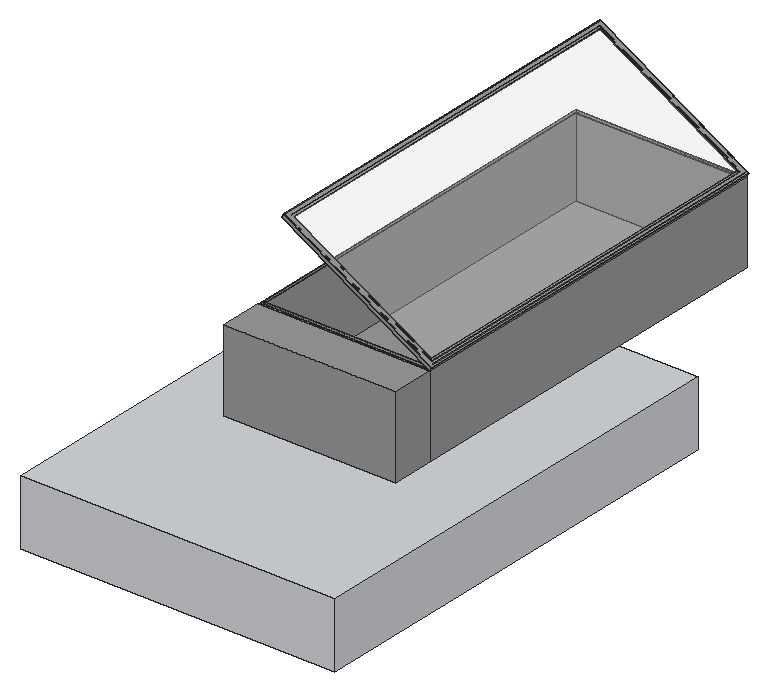
Revit family "Hager-Univers-IP55-D400-H2050-Cl.II-Steel_encl-NoHosted-DE-de", category Equipement électrique, Revit 2020
Family settings
  Hôte = Face
  Configuration du panneau = Deux colonnes, circuits au sein
  Cote de connecteur circulaire = Utiliser le diamètre
  Type d'élément = Tableau de raccordement
  Couper avec des vides une fois chargée = Non
  Partagée = Non
  Point de calcul de pièce = Non
Parameters (values of type "Bodenaufstellung IP55 B800 H2050 T400  - FR23U2")
  Width Control [instance] = if([EF000008 - Breite] > Min Width, [EF000008 - Breite], Min Width)  # 800 mm
  Commentaires du type = [HG000003 - Bereich]  # "Univers"
  Thickness Door [instance] = if([EF009171 - Materialstärke Tür/Deckel] > 3 mm, 3 mm, [EF009171 - Materialstärke Tür/Deckel])  # 1.5 mm
  Seal Frame Offset [instance] = 17 mm  # constant formula
  Plinth Visibility [instance] = [HG000027 - Sockelhöhe] > 0 mm  # yes
  Model = ""
  Min Width [instance] = 100 mm  # constant formula
  Min Height [instance] = 100 mm  # constant formula
  Min Depth [instance] = (2 * [EF009170 - Materialstärke Gehäuse]) + 1 mm  # 4 mm
  Internal Frame Depth [instance] = (Door System Depth * 0.5)  # 9 mm
  Height Control [instance] = if([EF000040 - Höhe] > Min Height, [EF000040 - Höhe], Min Height)  # 2050 mm
  HG000027 - Sockelhöhe = 200 mm
  HG000026 - Stehend auf dem Boden = yes
  HG000024 - Höhe des unteren Teils = 800 mm
  HG000023 - Gehäuse mit doppeltem Querschnitt = no
  HG000016 - 3D-Türsichtbarkeit [instance] = yes
  HG000015 - Sichtbarkeit der Türöffnung [instance] = no
  HG000014 - Tür rechts [instance] = yes
  HG000013 - Tür links [instance] = not([HG000014 - Tür rechts])  # no
  HG000012 - Türschwenkwinkel [instance] = 30.00°
  HG000010 - Asymmetrische Türen = no
  HG000009 - Doppelflügeligen Tür = no
  HG000006 - Unterputz = no
  HG000004 - Herstellerreferenz = "FR23U2"
  HG000003 - Bereich = "Univers"
  HG000002 - Mit tür = yes
  Frame Offset Bottom [instance] = 10 mm  # constant formula
  Frame Offset [instance] = 15 mm  # constant formula
  EF015940 - Deckel mit Überdruckentlastung = no
  EF011959 - Schutzart (NEMA) = ""
  EF009554 - Anzahl der Öffnungen für Flanschplatten = 6
  Fabricant = "Hager"  # constant formula
  EF009212 - Ausführung Deckel = "EV000116 - geschlossen"
  EF009171 - Materialstärke Tür/Deckel = 1.5 mm
  EF009170 - Materialstärke Gehäuse = 1.5 mm
  EF008873 - Nennstrom (In) = 800 A
  EF007800 - Geeignet für Blitzschutz = no
  EF006306 - Mit Schloss = no
  EF006244 - Transparenter Deckel/Tür = yes
  EF005474 - Schutzart (IP) = "EV006420 - IP55"
  EF004464 - Art der Tür = "EV002646 - Einzel"
  EF004427 - Anzahl der Module = 432
  EF004293 - Schlagfestigkeit = "EV008784 - IK10"
  EF003532 - Geeignet für Außengebrauch = no
  EF002950 - Breite in Teilungseinheiten = 24
  EF001613 - Funktionserhalt = "EV000494 - ohne"
  EF001596 - Werkstoff des Gehäuses = "EV000179 - Stahl"
  EF001131 - Innentiefe = 400 mm
  EF001088 - Anbaumöglichkeit = yes
  EF000437 - Anzahl der Leitungseinführungen = 6
  EF000339 - Art der Abdeckung = "EV004216 - Tür"
  EF000266 - Anzahl der Reihen = 12
  EF000218 - Einbautiefe = 0 mm
  EF000118 - Mit Montageplatte = no
  EF000116 - RAL-Nummer = "7035"
  EF000049 - Tiefe = 400 mm
  EF000040 - Höhe = 2050 mm
  EF000008 - Breite = 800 mm
  EF000007 - Farbe = "EV000270 - grau"
  EF000003 - Montageart = "EV012274 - Bodenaufstellung"
  Door System Leaf Tolerance [instance] = 1.5 mm  # constant formula
  Door System Depth [instance] = 18 mm  # constant formula
  Door Height [instance] = Height Control - [HG000027 - Sockelhöhe]  # 1850 mm
  Depth Control [instance] = if([EF000049 - Tiefe] > Min Depth, [EF000049 - Tiefe], Min Depth)  # 400 mm
  Default Elevation = 0 mm
  Connector Offset [instance] = Height Control / 2  # 1025 mm
  Bottom Top Plate Trim [instance] = 1.5 mm  # constant formula
  Plinth height Ctrl [instance] = if([HG000027 - Sockelhöhe] > 0 mm, [HG000027 - Sockelhöhe], 12 mm)  # 200 mm
Types (11, lengths in mm): name | Width Control | HG000010 - Asymmetrische Türen | HG000009 - Doppelflügeligen Tür | HG000004 - Herstellerreferenz | EF009554 - Anzahl der Öffnungen für Flanschplatten | EF006244 - Transparenter Deckel/Tür | EF004464 - Art der Tür | EF004427 - Anzahl der Module | EF000437 - Anzahl der Leitungseinführungen | EF000008 - Breite
  Bodenaufstellung IP55 B1050 H2050 T400  - FR24H2 | 1050 | yes | yes | "FR24H2" | 8 | no | "EV003602 - Doppel" | 576 | 8 | 1050
  Bodenaufstellung IP55 B1050 H2050 T400  - FR24U2 | 1050 | yes | yes | "FR24U2" | 8 | yes | "EV003602 - Doppel" | 576 | 8 | 1050
  Bodenaufstellung IP55 B1300 H2050 T400  - FR25H2 | 1300 | yes | yes | "FR25H2" | 10 | no | "EV003602 - Doppel" | 720 | 10 | 1300
  Bodenaufstellung IP55 B1300 H2050 T400  - FR25U2 | 1300 | yes | yes | "FR25U2" | 10 | yes | "EV003602 - Doppel" | 720 | 10 | 1300
  Bodenaufstellung IP55 B1550 H2050 T400  - FR26H2 | 1550 | yes | yes | "FR26H2" | 12 | no | "EV003602 - Doppel" | 864 | 12 | 1550
  Bodenaufstellung IP55 B1550 H2050 T400  - FR26U2 | 1550 | yes | yes | "FR26U2" | 12 | yes | "EV003602 - Doppel" | 864 | 12 | 1550
  Bodenaufstellung IP55 B300 H2050 T400  - FR21H2 | 300 | no | no | "FR21H2" | 2 | no | "EV002646 - Einzel" | 144 | 2 | 300
  Bodenaufstellung IP55 B550 H2050 T400  - FR22H2 | 550 | no | no | "FR22H2" | 4 | no | "EV002646 - Einzel" | 288 | 4 | 550
  Bodenaufstellung IP55 B550 H2050 T400  - FR22U2 | 550 | no | no | "FR22U2" | 4 | yes | "EV002646 - Einzel" | 288 | 4 | 550
  Bodenaufstellung IP55 B800 H2050 T400  - FR23H2 | 800 | no | no | "FR23H2" | 6 | no | "EV002646 - Einzel" | 432 | 6 | 800
  Bodenaufstellung IP55 B800 H2050 T400  - FR23U2 | 800 | no | no | "FR23U2" | 6 | yes | "EV002646 - Einzel" | 432 | 6 | 800
Reference planes
  plane 1 "Center (Front/Back)": y = 0
  plane 2: z = 0
  plane 3 "Center (Left/Right)": x = 0
  plane 4: z = 400
  plane 5: y = 201.5
  plane 6: y = 1125
  plane 7: y = 200
  plane 8: y = 2050
  plane 9: z = 0
  plane 10: x = -385
  plane 11: x = 385
  plane 12: x = 383.5
  plane 13: x = -383.5
  plane 14: y = 2048.5
  plane 15: x = -383
  plane 16: x = -400
  plane 17: x = 383
  plane 18: x = 400
  plane 19: x = 398.5
  plane 20: x = -398.5
  plane 21: y = 211.5
  plane 22: y = 2050
  plane 23: y = 2033.5
  plane 24: z = 382
  plane 25: z = 1.5
  plane 26: z = 380.5
  plane 27: z = 398.5
Forms (mm)
  Extrusion 1, solid
    sketch origin (0, 0, 0) x (1, 0, 0) y (0, 1, 0)
      loop
        line (-702.964, 1305) -> (-702.964, -811.445) -> (766.763, -811.445) -> (766.763, 1305) -> (-702.964, 1305)
    from 0 to -304.8
  Extrusion 2, solid, material "Hager_Steel_RAL7035_Light_Grey", visible <- "Plinth Visibility", detail levels medium+fine
    sketch origin (0, 0, 0) x (1, 0, 0) y (0, 1, 0)
      loop
        line (-400, 0) -> (400, 0) -> (400, 200) -> (-400, 200) -> (-400, 0)
    from 0 to 382
  Extrusion 3, solid, material "Hager_Steel_RAL7035_Light_Grey", detail levels medium+fine
    sketch origin (0, 0, 0) x (1, 0, 0) y (0, 1, 0)
      loop
        line (-400, 200) -> (400, 200) -> (400, 2050) -> (-400, 2050) -> (-400, 200)
    from 0 to 382
  Extrusion 4, void
    sketch origin (0, 0, 0) x (1, 0, 0) y (0, 1, 0)
      loop
        line (-398.5, 201.5) -> (398.5, 201.5) -> (398.5, 2048.5) -> (-398.5, 2048.5) -> (-398.5, 201.5)
    from 1.5 to 380.5
  Extrusion 5, void
    sketch origin (-381.607, -4572, 382) x (0, -1, 0) y (-1, 0, 0)
      loop
        line (-4783.5, 1.893) -> (-6605.5, 1.893) -> (-6605.5, -765.107) -> (-4783.5, -765.107) -> (-4783.5, 1.893)
    from 0 to 1.5 <- "EF009170 - Materialstärke Gehäuse"
  Extrusion 6, solid, material "Hager_Steel_RAL7035_Light_Grey", detail levels fine
    sketch origin (0, 0, 382) x (1, 0, 0) y (0, 1, 0)
      loop
        line (-383.5, 2033.5) -> (-383.5, 211.5) -> (383.5, 211.5) -> (383.5, 2033.5) -> (-383.5, 2033.5)
      loop
        line (-385, 210) -> (385, 210) -> (385, 2035) -> (-385, 2035) -> (-385, 210)
    from 0 to 9 <- "Internal Frame Depth"
  Extrusion 7, solid, material "Hager_Steel_RAL7035_Light_Grey", detail levels coarse
    sketch origin (0, 0, 0) x (1, 0, 0) y (0, 1, 0)
      loop
        line (-400, 0) -> (400, 0) -> (400, 2050) -> (-400, 2050) -> (-400, 0)
    from 0 to 400
  Sweep 8, void
    path in 3D
      loop
        line (-400, 200, 0) -> (400, 200, 0) -> (400, 200, 382) -> (-400, 200, 382) -> (-400, 200, 0)
    profile origin (-400, 200, 191) x (-1, 0, 0) y (0, -1, 0)
      loop
        line (0, 0) -> (0, 1.5) -> (-1.5, 1.5)
        arc (-1.5, 1.5) -> (-1.061, 0.439) -> (0, 0) r 1.5
Cuts and joins
  Extrusion 4, Extrusion 5 cuts Extrusion 3
  Sweep 8 cuts Extrusion 2
Lines and regions (mm)
  Masking region 1
    outline origin (0, 0, 0) x (1, 0, 0) y (0, 0, 1)
      loop
        line (-400, 400) -> (-400, 0) -> (400, 0) -> (400, 400) -> (-400, 400)
  Masking region 2, detail levels medium+fine
    outline origin (0, 140, 0) x (0, 1, 0) y (0, 0, 1)
      loop
        line (60, 0) -> (1910, 0) -> (1910, 382) -> (60, 382) -> (60, 0)
  Masking region 3, not visible, detail levels medium+fine
    outline origin (0, 297.922, 0) x (0, 1, 0) y (0, 0, 1)
      loop
        line (838.578, 0) -> (878.578, 0) -> (878.578, 388.5)
        arc (878.578, 388.5) -> (875.649, 395.571) -> (868.578, 398.5) r 10
        line (868.578, 398.5) -> (838.578, 398.5) -> (838.578, 0)
  Masking region 4, detail levels coarse
    outline origin (0, 0, 180) x (0, 1, 0) y (0, 0, 1)
      loop
        line (0, -180) -> (2050, -180) -> (2050, 220) -> (0, 220) -> (0, -180)
  Masking region 5, visible <- "Plinth Visibility", detail levels medium+fine
    outline origin (0, 52.24, 12.345) x (0, 0, -1) y (0, 1, 0)
      loop
        line (10.845, 147.76) -> (-368.155, 147.76)
        arc (-368.155, 147.76) -> (-368.594, 146.699) -> (-369.655, 146.26) r 1.5
        line (-369.655, 146.26) -> (-369.655, -52.24) -> (12.345, -52.24) -> (12.345, 146.26)
        arc (12.345, 146.26) -> (11.285, 146.699) -> (10.845, 147.76) r 1.5
  Masking region 6, detail levels medium+fine
    outline origin (-381.607, -4572, 382) x (-1, 0, 0) y (0, -1, 0)
      loop
        line (18.393, -6622) -> (18.393, -4772) -> (-781.607, -4772) -> (-781.607, -6622) -> (18.393, -6622)
  Masking region 7, visible <- "Plinth Visibility", detail levels medium+fine
    outline origin (-381.607, -4727, 382) x (-1, 0, 0) y (0, -1, 0)
      loop
        arc (16.893, -4927) -> (17.332, -4925.939) -> (18.393, -4925.5) r 1.5
        line (18.393, -4925.5) -> (18.393, -4727) -> (-781.607, -4727) -> (-781.607, -4925.5)
        arc (-781.607, -4925.5) -> (-780.546, -4925.939) -> (-780.107, -4927) r 1.5
        line (-780.107, -4927) -> (16.893, -4927)
  Masking region 8, detail levels coarse
    outline origin (-442.548, -4669.526, 382) x (-1, 0, 0) y (0, -1, 0)
      loop
        line (-42.548, -6719.526) -> (-42.548, -4669.526) -> (-842.548, -4669.526) -> (-842.548, -6719.526) -> (-42.548, -6719.526)
  sketch lines
    curve 1: line (-400, 200, 382) -> (-400, 200, 0)
    curve 2: line (400, 200, 382) -> (-400, 200, 382)
    curve 3: line (400, 200, 382) -> (400, 200, 0)
    curve 4: line (-400, 200, 0) -> (400, 200, 0)
Dimensions and locks
  "Depth Control": plane 4 to Extrusion 1
  "HG000027 - Sockelhöhe": plane 1 "Center (Front/Back)" to plane 7
  "EF009170 - Materialstärke Gehäuse": plane 5 to plane 7
  locked: connector elem to plane 3 "Center (Left/Right)"
  equal spacing: plane 8, plane 6, plane 7
  locked: connector elem to plane 6
  "EF009170 - Materialstärke Gehäuse": plane 8 to plane 14
  "EF009170 - Materialstärke Gehäuse": plane 10 to plane 13
  "EF009170 - Materialstärke Gehäuse": plane 12 to plane 11
  "Frame Offset": plane 20 to plane 13
  "Frame Offset": plane 12 to plane 19
  "EF009170 - Materialstärke Gehäuse": plane 16 to plane 20
  "EF009170 - Materialstärke Gehäuse": plane 19 to plane 18
  "Seal Frame Offset": plane 16 to plane 15
  "Seal Frame Offset": plane 17 to plane 18
  "Frame Offset Bottom": plane 21 to plane 5
  "Frame Offset": plane 14 to plane 23
  equal spacing: plane 16, plane 3 "Center (Left/Right)", plane 18
  "Width Control": plane 16 to plane 18
  "EF009170 - Materialstärke Gehäuse": plane 4 to plane 27
  "EF009170 - Materialstärke Gehäuse": plane 24 to plane 26
  "EF009170 - Materialstärke Gehäuse": plane 25 to level
  "Door System Depth": plane 4 to plane 24
  "Height Control": plane 1 "Center (Front/Back)" to Extrusion 7 sketch curve
  "Height Control": Masking region 4 sketch curve to plane 1 "Center (Front/Back)"
  "Height Control": plane 1 "Center (Front/Back)" to plane 22
  "Bottom Top Plate Trim": profile plane to Sweep 8 sketch curve
  "Bottom Top Plate Trim": Sweep 8 sketch curve to profile plane
  "Plinth height Ctrl": plane 1 "Center (Front/Back)" to Extrusion 2 sketch curve
  "Plinth height Ctrl": Masking region 5 sketch curve to plane 1 "Center (Front/Back)"
  "Plinth height Ctrl": plane 1 "Center (Front/Back)" to Masking region 7 sketch curve
  "Thickness Door": Extrusion 6 sketch curve to Extrusion 6 sketch curve  (x3)
  "Thickness Door": cut or joined group of Extrusion 3, Extrusion 4, Extrusion 5 to Extrusion 6 sketch curve
  radius of Masking region 3 sketch curve = 10 mm
  "Bottom Top Plate Trim": radius of Masking region 5 sketch curve  (x2)
  "Bottom Top Plate Trim": radius of Sweep 8 sketch curve
  "Bottom Top Plate Trim": radius of Masking region 7 sketch curve  (x2)
  aligned and locked: plane 2 to Extrusion 1
  aligned and locked: level to Extrusion 1
  aligned and locked: level to Masking region 1 sketch curve
  aligned and locked: Masking region 1 sketch curve to plane 18
  aligned and locked: Masking region 1 sketch curve to plane 16
  aligned and locked: plane 7 to Masking region 2 sketch curve
  aligned and locked: level to Masking region 3 sketch curve
  aligned and locked: Masking region 3 sketch curve to plane 27
  aligned and locked: level to Masking region 2 sketch curve
  aligned and locked: plane 1 "Center (Front/Back)" to Extrusion 2 sketch curve
  aligned and locked: Extrusion 3 sketch curve to plane 7
  aligned and locked: plane 16 to Extrusion 3 sketch curve
  aligned and locked: plane 18 to Extrusion 3 sketch curve
  aligned and locked: plane 20 to Extrusion 4 sketch curve
  aligned and locked: plane 19 to Extrusion 4 sketch curve
  aligned and locked: Extrusion 4 sketch curve to plane 5
  aligned and locked: Extrusion 4 to plane 25
  aligned and locked: plane 26 to Extrusion 4
  aligned and locked: plane 24 to Extrusion 3
  aligned and locked: Extrusion 5 sketch curve to plane 21
  aligned and locked: Extrusion 5 sketch curve to plane 13
  aligned and locked: Extrusion 5 sketch curve to plane 12
  aligned and locked: plane 18 to Extrusion 7 sketch curve
  aligned and locked: plane 1 "Center (Front/Back)" to Extrusion 7 sketch curve
  aligned and locked: plane 16 to Extrusion 7 sketch curve
  aligned and locked: plane 4 to Extrusion 7
  aligned and locked: Extrusion 7 to level
  aligned and locked: level to Masking region 4 sketch curve
  aligned and locked: Masking region 4 sketch curve to plane 1 "Center (Front/Back)"
  aligned and locked: Masking region 4 sketch curve to plane 4
  aligned and locked: nested 1 to level
  aligned and locked: nested 1 to plane 16
  aligned and locked: plane 8 to Extrusion 3 sketch curve
  aligned and locked: plane 23 to Extrusion 5 sketch curve
  aligned and locked: plane 14 to Extrusion 4 sketch curve
  aligned and locked: Masking region 2 sketch curve to plane 8
  aligned and locked: level to Masking region 5 sketch curve
  aligned and locked: plane 16 to Extrusion 2 sketch curve
  aligned and locked: plane 18 to Extrusion 2 sketch curve
  aligned and locked: Masking region 5 sketch curve to plane 24
  aligned and locked: Masking region 2 sketch curve to plane 24
  aligned and locked: plane 24 to Extrusion 2
  aligned and locked: profile plane to Sweep 8 sketch curve  (x2)
  aligned and locked: Masking region 6 sketch curve to plane 18
  aligned and locked: Masking region 6 sketch curve to plane 22
  aligned and locked: Masking region 6 sketch curve to plane 16
  aligned and locked: plane 8 to plane 22
  aligned and locked: Masking region 6 sketch curve to plane 7
  aligned and locked: Masking region 7 sketch curve to plane 16
  aligned and locked: Masking region 7 sketch curve to plane 1 "Center (Front/Back)"
  aligned and locked: Masking region 7 sketch curve to plane 18
  aligned and locked: Masking region 8 sketch curve to plane 1 "Center (Front/Back)"
  aligned and locked: Masking region 8 sketch curve to plane 18
  aligned and locked: Masking region 8 sketch curve to plane 22
  aligned and locked: Masking region 8 sketch curve to plane 16
  aligned and locked: nested 2 to plane 7
  aligned and locked: plane 3 "Center (Left/Right)" to nested 2
  aligned and locked: nested 2 to plane 24
  aligned and locked: Extrusion 6 sketch curve to cut or joined group of Extrusion 3, Extrusion 4, Extrusion 5  (x4)
Automatic sketch dimensions
  Extrusion 1 sketch curve to Extrusion 1 sketch curve = 1469.727 mm
  Extrusion 1 sketch curve to Extrusion 1 sketch curve = 2116.445 mm
  Masking region 1 sketch curve to plane 4 = 0 mm
  plane 6 to Masking region 3 sketch curve = 11.5 mm
  Masking region 3 sketch curve to Masking region 3 sketch curve = 30 mm
  Masking region 5 sketch curve to plane 1 "Center (Front/Back)" = 0 mm
Nested families
  nested 1: "Hager_Enclosure_Symbol" at (-400, 0, 0) x (1, 0, 0) z (0, -1, 0), Height <- "Depth Control", Width <- "Width Control", type "Hager_Enclosure_Symbol"
    with Width_Ctrl 800 mm, Width 800 mm, Height_Ctrl 400 mm, Height 400 mm, A_Width_Int 26.25 mm, A_Width 315 mm, A_Height_Ctrl 350 mm, A_Height 350 mm
  nested 2: "EC000058_Univers_Door" at (0, 200, 382) x (1, 0, 0) z (0, 1, 0), Leaf_Tolerance <- "Door System Leaf Tolerance", Angle <- "HG000012 - Türschwenkwinkel", Door_Depth <- "Door System Depth", Door_Left <- "HG000013 - Tür links", Transparent <- "EF006244 - Transparenter Deckel/Tür", Assymetrical <- "HG000010 - Asymmetrische Türen", Width <- "Width Control", Clearance <- "HG000015 - Sichtbarkeit der Türöffnung", Double <- "HG000009 - Doppelflügeligen Tür", 3d_Door <- "HG000016 - 3D-Türsichtbarkeit", Lock_Visibility <- "EF006306 - Mit Schloss", Width_Ctrl <- "Width Control", Door_Right <- "HG000014 - Tür rechts", Door <- "HG000002 - Mit tür", Height <- "Door Height", Thickness <- "Thickness Door", type "EC000058_Univers_Door", detail levels medium+fine
    with min_wh 4 mm, Width_Ctrl 800 mm, Width 800 mm, Transparent yes, Thickness 1.5 mm, Seal_Material Hager_Rubber, Lock_Visibility no, Lock_Material Hager_Plastic_RAL9005_Jet_Black, Leaf_Width 800 mm, Leaf_Tolerance_External_Sides 0 mm, Leaf_Tolerance 1.5 mm, Leaf_Offset 0 mm, Leaf_Height 1847 mm, Leaf_2_Width 800 mm, Leaf_2_Offset 400 mm, Leaf_1_Width 800 mm, Leaf_1_Offset 400 mm, Height_Ctrl 1850 mm, Height 1850 mm, Glass_Material Hager_Glass, Double_Clearance_Ctrl no, Double no, Door_Right_Ctrl yes, Door_Right yes, Door_Material Hager_Steel_RAL7035_Light_Grey, Door_Left_Ctrl no, Door_Left no, Door_Depth 18 mm, Door yes, Clearance_Material Hager_Clearance, Clearance_Depth 800 mm, Clearance_Ctrl no, Clearance no, Assymetrical no, Angle 30.00°, 3d_Door yes
Connectors
  electrical at (0, 1125, 0)
    settings: on plane 9, index 1, voltage 0 V, apparent load 0 VA, apparent load phase1 0 VA, apparent load phase2 0 VA, apparent load phase3 0 VA, power factor 1, load classification "Other", number of poles 1, system type 30, power factor state 1, is connector primary yes, connector utility no, sub classification motor no, connector description ""
Definition of nested family "EC000058_Univers_Door"
  Parameters (values of type "EC000058_Univers_Door")
    min_wh [instance] = (2 * Thickness) + 1 mm  # 11 mm
    Width_Ctrl [instance] = 400 mm
    Width [instance] = 500 mm
    Transparent [instance] = yes
    Thickness [instance] = 5 mm
    Seal_Material [instance] = none
    Lock_Visibility [instance] = yes
    Lock_Material [instance] = none
    Leaf_Width [instance] = if((Width_Ctrl - 2 * Leaf_Tolerance_External_Sides) > 0 mm, (Width_Ctrl - 2 * Leaf_Tolerance_External_Sides), min_wh)  # 400 mm
    Leaf_Tolerance_External_Sides [instance] = 0 mm  # constant formula
    Leaf_Tolerance [instance] = 1.5 mm
    Leaf_Offset [instance] = 0 mm  # constant formula
    Leaf_Height [instance] = if((Height_Ctrl - 2 * Leaf_Tolerance) > 0 mm, (Height_Ctrl - 2 * Leaf_Tolerance), min_wh)  # 497 mm
    Leaf_2_Width [instance] = if(and(and(Double, Assymetrical), Door_Left), (Leaf_Width / 3) - (Leaf_Tolerance / 2), if(and(and(Double, Assymetrical), Door_Right), (Leaf_Width / 3) * 2 - (Leaf_Tolerance / 2), if(and(Double, not(Assymetrical)), (Leaf_Width / 2) - Leaf_Tolerance, Leaf_Width)))  # 400 mm
    Leaf_2_Offset [instance] = if(and(Double, Assymetrical), Leaf_2_Width / 2, if(and(Double, not(Assymetrical)), Leaf_Width / 4, Leaf_Width / 2))  # 200 mm
    Leaf_1_Width [instance] = if(and(and(Double, Assymetrical), Door_Right), (Leaf_Width / 3) - (Leaf_Tolerance / 2), if(and(and(Double, Assymetrical), Door_Left), (Width / 3) * 2 - (Leaf_Tolerance / 2), if(and(Double, not(Assymetrical)), (Leaf_Width / 2) - Leaf_Tolerance, Leaf_Width)))  # 400 mm
    Leaf_1_Offset [instance] = if(and(Double, Assymetrical), Leaf_1_Width / 2, if(and(Double, not(Assymetrical)), Leaf_Width / 4, Leaf_Width / 2))  # 200 mm
    Height_Ctrl [instance] = if(Height > min_wh, Height, min_wh)  # 500 mm
    Height [instance] = 500 mm
    Glass_Material [instance] = none
    Double_Clearance_Ctrl [instance] = and(Double, Clearance)  # no
    Double [instance] = no
    Door_Right_Ctrl [instance] = and(or(Door_Right, Double), Door)  # yes
    Door_Right [instance] = yes
    Door_Material [instance] = none
    Door_Left_Ctrl [instance] = and(or(Door_Left, Double), Door)  # no
    Door_Left [instance] = no
    Door_Depth [instance] = 30 mm
    Door [instance] = yes
    Default Elevation = 1219.2 mm
    Clearance_Material [instance] = none
    Clearance_Depth [instance] = if(Leaf_1_Width > Leaf_2_Width, Leaf_1_Width, Leaf_2_Width)  # 400 mm
    Clearance_Ctrl [instance] = and(not(Double), Clearance)  # yes
    Clearance [instance] = yes
    Assymetrical [instance] = yes
    Angle [instance] = 30.00°
    3d_Door [instance] = yes
  Reference planes
    plane 1 "Center (Front/Back)": y = 0
    plane 2 "Bottom": z = 0
    plane 3 "Center (Left/Right)": x = 0
    plane 4: z = 500
    plane 5: x = -200
    plane 6: x = 200
    plane 7: z = 500
    plane 8: x = -200
    plane 9: z = 0
    plane 10: x = 200
    plane 11: y = 0
    plane 12: z = 1.5
    plane 13: x = -600
    plane 14: y = -400
    plane 15: x = 600
    plane 16: x = 0
    plane 17: x = 0
    plane 18: x = -200
    plane 19: x = 200
    plane 20: z = 498.5
  Forms (mm)
    Extrusion 1, solid, material <- "Clearance_Material", visible <- "Double_Clearance_Ctrl"
      sketch origin (1200, 0, 0) x (1, 0, 0) y (0, 0, -1)
        loop
          line (-1800, -498.5) -> (-600, -498.5) -> (-600, 0) -> (-1800, 0) -> (-1800, -498.5)
      from 0 to -400
  Dimensions and locks
    equal spacing: plane 5, plane 3 "Center (Left/Right)", plane 6
    "Width_Ctrl": plane 5 to plane 6
    "Leaf_Offset": plane 5 to plane 8
    "Leaf_Offset": plane 6 to plane 10
    "Leaf_Offset": plane 9 to level
    "Leaf_Offset": plane 4 to plane 7
    "Height_Ctrl": plane 4 to level
    "Leaf_Tolerance": plane 12 to plane 9
    locked: plane 11 to plane 1 "Center (Front/Back)"
    "Leaf_1_Offset": plane 18 to plane 16
    "Leaf_2_Offset": plane 17 to plane 19
    "Leaf_1_Width": plane 13 to plane 8
    "Leaf_2_Width": plane 10 to plane 15
    "Clearance_Depth": plane 14 to plane 1 "Center (Front/Back)"
    "Leaf_Tolerance_External_Sides": plane 8 to plane 18
    "Leaf_Tolerance_External_Sides": plane 19 to plane 10
    "Leaf_Tolerance": plane 7 to plane 20
    aligned and locked: level to plane 2 "Bottom"
    aligned and locked: nested 1 to plane 16
    aligned and locked: nested 2 to plane 17
    aligned and locked: Extrusion 1 to plane 13
    aligned and locked: plane 15 to Extrusion 1
    aligned and locked: Extrusion 1 to plane 14
    aligned and locked: plane 12 to nested 1
    aligned and locked: nested 2 to plane 12
    aligned and locked: Extrusion 1 to plane 11
    aligned and locked: plane 20 to Extrusion 1
    aligned and locked: nested 2 to plane 11
    aligned and locked: nested 1 to plane 11
  Automatic sketch dimensions
    Extrusion 1 sketch curve to level = 0 mm
    plane 5 to Extrusion 1 sketch curve = 400 mm
    plane 6 to Extrusion 1 sketch curve = 400 mm
    Extrusion 1 sketch curve to plane 4 = 1.5 mm
  Nested families
    nested 1: "EC000058_Univers_Door_Leaf" at (0, 0, 1.5), Width <- "Leaf_1_Width", visible <- "Door_Left_Ctrl", Leaf_Height <- "Leaf_Height", Angle <- "Angle", 3d_Door <- "3d_Door", Transparent <- "Transparent", Clearance Material <- "Clearance_Material", Clearance <- "Clearance_Ctrl", Door_Material <- "Door_Material", Glass_Material <- "Glass_Material", Door_Depth <- "Door_Depth", Lock_Material <- "Lock_Material", Seal_Material <- "Seal_Material", Lock_Visibility <- "Lock_Visibility", Thickness <- "Thickness", type "EC000058_Univers_Door_Leaf"
      with Width 400 mm, Transparent_Glass_Offset 30 mm, Transparent_Ctrl yes, Transparent yes, Thickness 5 mm, Standard no, Seal_Material none, Seal_D2 8 mm, Seal_D1 1 mm, Offset_Internal_Frame 10 mm, Lock_Width 20 mm, Lock_Visibility_3d yes, Lock_Visibility yes, Lock_Thickness_3 3 mm, Lock_Thickness_2 1 mm, Lock_Thickness_1 3 mm, Lock_Radius_Offset_2 16 mm, Lock_Radius_Offset_1 15 mm, Lock_Radius_2 5 mm, Lock_Radius 6 mm, Lock_Offset 5 mm, Lock_Material none, Lock_Height 80 mm, Lock_Cover_Top_Offset_2d 17 mm, Lock_Cover_Height -65 mm, Leaf_Height 497 mm, Internal_Seal_Thickness 8 mm, Internal_Seal_Depth_2 4.5 mm, Internal_Frame_Depth 25 mm, Glass_Thickness -1 mm, Glass_Offset -2 mm, Glass_Material none, Door_Material none, Door_Depth 30 mm, Clearance Material none, Clearance yes, Angle_Ctrl 30.00°, Angle 30.00°, 3d_Door yes
    nested 2: "EC000058_Univers_Door_Leaf" at (0, 0, 1.5) x (-1, 0, 0) z (0, 0, 1), Width <- "Leaf_2_Width", visible <- "Door_Right_Ctrl", Leaf_Height <- "Leaf_Height", Angle <- "Angle", 3d_Door <- "3d_Door", Transparent <- "Transparent", Clearance Material <- "Clearance_Material", Clearance <- "Clearance_Ctrl", Door_Material <- "Door_Material", Glass_Material <- "Glass_Material", Door_Depth <- "Door_Depth", Lock_Material <- "Lock_Material", Seal_Material <- "Seal_Material", Lock_Visibility <- "Lock_Visibility", Thickness <- "Thickness", type "EC000058_Univers_Door_Leaf"
      with Width 400 mm, Transparent_Glass_Offset 30 mm, Transparent_Ctrl yes, Transparent yes, Thickness 5 mm, Standard no, Seal_Material none, Seal_D2 8 mm, Seal_D1 1 mm, Offset_Internal_Frame 10 mm, Lock_Width 20 mm, Lock_Visibility_3d yes, Lock_Visibility yes, Lock_Thickness_3 3 mm, Lock_Thickness_2 1 mm, Lock_Thickness_1 3 mm, Lock_Radius_Offset_2 16 mm, Lock_Radius_Offset_1 15 mm, Lock_Radius_2 5 mm, Lock_Radius 6 mm, Lock_Offset 5 mm, Lock_Material none, Lock_Height 80 mm, Lock_Cover_Top_Offset_2d 17 mm, Lock_Cover_Height -65 mm, Leaf_Height 497 mm, Internal_Seal_Thickness 8 mm, Internal_Seal_Depth_2 4.5 mm, Internal_Frame_Depth 25 mm, Glass_Thickness -1 mm, Glass_Offset -2 mm, Glass_Material none, Door_Material none, Door_Depth 30 mm, Clearance Material none, Clearance yes, Angle_Ctrl 30.00°, Angle 30.00°, 3d_Door yes
  Definition of nested family "EC000058_Univers_Door_Leaf"
    Parameters (values of type "EC000058_Univers_Door_Leaf")
      Width [instance] = 2000 mm
      Transparent_Glass_Offset [instance] = 30 mm
      Transparent_Ctrl [instance] = and(Transparent, [3d_Door])  # yes
      Transparent [instance] = yes
      Thickness [instance] = 5 mm
      Standard [instance] = and(not(Transparent), [3d_Door])  # no
      Seal_Material [instance] = none
      Seal_D2 [instance] = 8 mm  # constant formula
      Seal_D1 [instance] = 1 mm  # constant formula
      Offset_Internal_Frame [instance] = 10 mm  # constant formula
      Lock_Width [instance] = 20 mm  # constant formula
      Lock_Visibility_3d [instance] = and(Lock_Visibility, [3d_Door])  # yes
      Lock_Visibility [instance] = yes
      Lock_Thickness_3 [instance] = 3 mm  # constant formula
      Lock_Thickness_2 [instance] = 1 mm  # constant formula
      Lock_Thickness_1 [instance] = 3 mm  # constant formula
      Lock_Radius_Offset_2 [instance] = Lock_Radius_Offset_1 + 1 mm  # 16 mm
      Lock_Radius_Offset_1 [instance] = 15 mm  # constant formula
      Lock_Radius_2 [instance] = Lock_Radius - 1 mm  # 5 mm
      Lock_Radius [instance] = 6 mm  # constant formula
      Lock_Offset [instance] = 5 mm  # constant formula
      Lock_Material [instance] = none
      Lock_Height [instance] = 80 mm  # constant formula
      Lock_Cover_Top_Offset_2d [instance] = Lock_Radius_Offset_2 + 1 mm  # 17 mm
      Lock_Cover_Height [instance] = -(Lock_Height - Lock_Radius_Offset_1)  # -65 mm
      Leaf_Height [instance] = 2720.336 mm
      Internal_Seal_Thickness [instance] = 8 mm  # constant formula
      Internal_Seal_Depth_2 [instance] = 4.5 mm  # constant formula
      Internal_Frame_Depth [instance] = if(Door_Depth - Thickness > 5 mm, Door_Depth - Thickness, 5 mm)  # 25 mm
      Glass_Thickness [instance] = if(Thickness > 15 mm, Glass_Offset + 10 mm, -1 mm)  # -1 mm
      Glass_Offset [instance] = if(Thickness > 15 mm, -(Thickness + 10 mm) / 2, -2 mm)  # -2 mm
      Glass_Material [instance] = none
      Door_Material [instance] = none
      Door_Depth [instance] = 30 mm
      Default Elevation = 0 mm
      Clearance Material [instance] = none
      Clearance [instance] = yes
      Angle_Ctrl [instance] = if(Angle > 180.00°, 180.00°, Angle)  # 90.00°
      Angle [instance] = 90.00°
      3d_Door [instance] = yes
    Reference planes
      plane 1 "Center (Front/Back)": y = 0
      plane 2: z = 0
      plane 3 "Center (Left/Right)": x = 0
      plane 4: y = 2000
      plane 5: x = -1000
      plane 6: x = 1000
      plane 7: x = -3000
      plane 8: z = 2720.336
      plane 9: z = 30
      plane 10: z = 2690.336
      plane 11: x = 970
      plane 12: x = -970
      plane 13: y = -3
      plane 14: z = 107.833
      plane 15: y = -5
      plane 16: y = -223.314
      plane 17: x = -1000
      plane 18: z = 1360.168
      plane 19: y = 30
    Forms (mm)
      Extrusion 1, solid, material <- "Clearance Material", visible <- "Clearance"
        sketch origin (0, 0, 0) x (1, 0, 0) y (0, 0, 1)
          loop
            line (-3000, 2720.336) -> (-3000, 0) -> (1000, 0) -> (1000, 2720.336) -> (-3000, 2720.336)
        from 0 to -2000
      Extrusion 2, solid, material <- "Door_Material", visible <- "Standard", detail levels medium+fine
        sketch origin (-1000, 0, 0) x (0, 1, 0) y (-1, 0, 0)
          loop
            line (0, 30) -> (0, 25) -> (2000, 25) -> (2000, 30) -> (0, 30)
        from 0 to 2720.336 <- "Leaf_Height"
      Extrusion 3, solid, material <- "Door_Material", visible <- "Transparent_Ctrl", detail levels medium+fine
        sketch origin (-1000, 0, 0) x (0, 1, 0) y (-1, 0, 0)
          loop
            line (0, 25) -> (2000, 25) -> (2000, 30) -> (0, 30) -> (0, 25)
        from 0 to 2720.336 <- "Leaf_Height"
      Extrusion 4, void
        sketch origin (-1025, 2000, 0) x (0, 1, 0) y (0, 0, -1)
          loop
            line (-30, -2690.336) -> (-30, -30) -> (-1970, -30) -> (-1970, -2690.336) -> (-30, -2690.336)
        from 0 to 5 <- "Thickness"
      Sweep 5, solid, material <- "Seal_Material", visible <- "Transparent_Ctrl", detail levels fine
        path in 3D
          loop
            line (-1025, 30, 30) -> (-1025, 30, 2690.336) -> (-1025, 1970, 2690.336) -> (-1025, 1970, 30) -> (-1025, 30, 30)
        profile origin (-1025, 1000, 30) x (1, 0, 0) y (0, 0, 1)
          loop
            line (0, 0) -> (0, -8) -> (1, -8) -> (1, 0) -> (0, 0)
      Extrusion 6, solid, material <- "Glass_Material", visible <- "Transparent_Ctrl", detail levels medium+fine
        sketch origin (-1030, 0, 0) x (0, 1, 0) y (0, 0, -1)
          loop
            line (1970, -2690.336) -> (1970, -30) -> (30, -30) -> (30, -2690.336) -> (1970, -2690.336)
        from -2 <- "Glass_Offset" to -1 <- "Glass_Thickness"
      Extrusion 7, solid, material <- "Door_Material", visible <- "3d_Door", detail levels medium+fine
        sketch origin (-1025, 2000, 0) x (0, -1, 0) y (0, 0, -1)
          loop
            line (0, -2720.336) -> (2000, -2720.336) -> (2000, 0) -> (0, 0) -> (0, -2720.336)
          loop
            line (1995, -5) -> (5, -5) -> (5, -2715.336) -> (1995, -2715.336) -> (1995, -5)
        from 0 to 25 <- "Internal_Frame_Depth"
      Sweep 8, solid, material <- "Seal_Material", visible <- "Transparent_Ctrl", detail levels fine
        path in 3D
          loop
            line (-1025, 0, 0) -> (-1025, 2000, 0) -> (-1025, 2000, 2720.336) -> (-1025, 0, 2720.336) -> (-1025, 0, 0)
        profile origin (-1025, 0, 1360.168) x (1, 0, 0) y (0, 1, 0)
          loop
            line (0, 10) -> (2.975, 10)
            arc (2.975, 10) -> (4.053, 10.447) -> (4.5, 11.525) r 1.525
            line (4.5, 11.525) -> (4.5, 16.527)
            arc (4.5, 16.527) -> (4.069, 17.569) -> (3.027, 18) r 1.473
            line (3.027, 18) -> (0, 18) -> (0, 10)
      Extrusion 9, solid, material <- "Lock_Material", visible <- "Lock_Visibility_3d", detail levels fine
        sketch origin (-1030, 0, 0) x (0, 1, 0) y (0, 0, -1)
          loop
            arc (1993.5, -1400.168) -> (1994.561, -1399.729) -> (1995, -1398.668) r 1.5
            line (1995, -1398.668) -> (1995, -1320.168) -> (1975, -1320.168) -> (1975, -1398.668)
            arc (1975, -1398.668) -> (1975.439, -1399.729) -> (1976.5, -1400.168) r 1.5
            line (1976.5, -1400.168) -> (1993.5, -1400.168)
        from 3 <- "Lock_Thickness_1" to 0
      Blend 10, solid, material <- "Lock_Material", visible <- "Lock_Visibility_3d", detail levels fine
        base sketch origin (-1033, 0, 0) x (0, 1, 0) y (0, 0, -1)
          loop
            line (1975, -1320.168) -> (1975, -1398.668)
            arc (1975, -1398.668) -> (1975.439, -1399.729) -> (1976.5, -1400.168) r 1.5
            line (1976.5, -1400.168) -> (1993.5, -1400.168)
            arc (1993.5, -1400.168) -> (1994.561, -1399.729) -> (1995, -1398.668) r 1.5
            line (1995, -1398.668) -> (1995, -1320.168) -> (1975, -1320.168)
        top sketch origin (-1033, 0, 0) x (0, 1, 0) y (0, 0, -1)
          loop
            line (1976, -1320.168) -> (1976, -1398.668)
            arc (1976, -1398.668) -> (1976.146, -1399.022) -> (1976.5, -1399.168) r 0.5
            line (1976.5, -1399.168) -> (1993.5, -1399.168)
            arc (1993.5, -1399.168) -> (1993.854, -1399.022) -> (1994, -1398.668) r 0.5
            line (1994, -1398.668) -> (1994, -1320.168) -> (1976, -1320.168)
        from 0 to 1 <- "Lock_Thickness_2"
      Blend 11, solid, material <- "Lock_Material", visible <- "Lock_Visibility_3d", detail levels fine
        base sketch origin (-1034, 0, 0) x (0, 1, 0) y (0, 0, -1)
          loop
            line (1978, -1320.168) -> (1978, -1384.168)
            arc (1978, -1384.168) -> (1985, -1391.168) -> (1992, -1384.168) r 7
            line (1992, -1384.168) -> (1992, -1320.168) -> (1978, -1320.168)
        top sketch origin (-1034, 0, 0) x (0, 1, 0) y (0, 0, -1)
          loop
            line (1991, -1320.168) -> (1979, -1320.168) -> (1979, -1383.168)
            arc (1979, -1383.168) -> (1985, -1389.168) -> (1991, -1383.168) r 6
            line (1991, -1383.168) -> (1991, -1320.168)
        from 0 to 3 <- "Lock_Thickness_3"
      Extrusion 12, solid, material <- "Lock_Material", visible <- "Lock_Visibility_3d", detail levels fine
        sketch origin (-1030, 1975, 1320.168) x (1, 0, 0) y (0, -1, 0)
          loop
            line (-7, -19) -> (-7, -1) -> (0, -1) -> (0, 0) -> (-8, 0) -> (-8, -20) -> (0, -20) -> (0, -19) -> (-7, -19)
        from 0 to -65 <- "Lock_Cover_Height"
      Extrusion 13, void
        sketch origin (-1038, 1995, 1320.168) x (-1, 0, 0) y (0, 0, -1)
          loop
            line (-5, -65) -> (0, -65) -> (-5, -60) -> (-5, -65)
        from 0 to 20 <- "Lock_Width"
      Extrusion 14, void
        sketch origin (-1038, 1975, 1320.168) x (0, -1, 0) y (0, 0, -1)
          loop
            circle (-10, -15.995) r 6
          loop
            circle (-10, -15.995) r 5
        from 0 to 2
      Extrusion 15, solid, material <- "Lock_Material", visible <- "Lock_Visibility_3d", detail levels medium
        sketch origin (-1030, 0, 0) x (0, 1, 0) y (0, 0, -1)
          loop
            arc (1993.5, -1400.168) -> (1994.561, -1399.729) -> (1995, -1398.668) r 1.5
            line (1995, -1398.668) -> (1995, -1320.168) -> (1975, -1320.168) -> (1975, -1398.668)
            arc (1975, -1398.668) -> (1975.439, -1399.729) -> (1976.5, -1400.168) r 1.5
            line (1976.5, -1400.168) -> (1993.5, -1400.168)
        from 8 to 0
    Cuts and joins
      Extrusion 4 cuts Extrusion 3
      Extrusion 13, Extrusion 14 cuts Extrusion 9
      Extrusion 14 cuts Blend 11
      Extrusion 13, Extrusion 14 cuts Extrusion 12
      joined: Extrusion 9, Blend 10, Blend 11, Extrusion 12
      Extrusion 14 cuts Extrusion 15
    Lines and regions (mm)
      Masking region 1, visible <- "Lock_Visibility", detail levels fine
        outline origin (0, 0, 0) x (0, 1, 0) y (0, 0, 1)
          loop
            line (30, 1320.168) -> (33, 1320.168) -> (33, 1400.168) -> (30, 1400.168) -> (30, 1320.168)
      Masking region 2, visible <- "Lock_Visibility", detail levels fine
        outline origin (0, 3.143, 0) x (0, 1, 0) y (0, 0, 1)
          loop
            line (29.857, 1354.168) -> (30.857, 1354.168) -> (30.857, 1366.168) -> (29.857, 1366.168) -> (29.857, 1354.168)
      Masking region 3, detail levels medium+fine
        outline origin (0, 0, 0) x (0, 1, 0) y (0, 0, 1)
          loop
            line (0, 0) -> (30, 0) -> (30, 2720.336) -> (0, 2720.336) -> (0, 0)
      Masking region 4, detail levels medium+fine
        outline origin (0, 0, 0) x (1, 0, 0) y (0, 0, 1)
          loop
            line (-1000, 2720.336) -> (-1000, 0) -> (1000, 0) -> (1000, 2720.336) -> (-1000, 2720.336)
      Masking region 5, visible <- "Lock_Visibility", detail levels fine
        outline origin (-47.116, 0, 0) x (1, 0, 0) y (0, 0, 1)
          loop
            arc (1024.616, 1399.168) -> (1023.556, 1398.729) -> (1023.116, 1397.668) r 1.5
            line (1023.116, 1397.668) -> (1023.116, 1320.168) -> (1041.116, 1320.168) -> (1041.116, 1397.668)
            arc (1041.116, 1397.668) -> (1040.677, 1398.729) -> (1039.616, 1399.168) r 1.5
            line (1039.616, 1399.168) -> (1024.616, 1399.168)
      Masking region 6, visible <- "Lock_Visibility", detail levels medium+fine
        outline origin (-25, 0, 0) x (1, 0, 0) y (0, 0, 1)
          loop
            arc (1001.5, 1400.168) -> (1000.439, 1399.729) -> (1000, 1398.668) r 1.5
            line (1000, 1398.668) -> (1000, 1320.168) -> (1020, 1320.168) -> (1020, 1398.668)
            arc (1020, 1398.668) -> (1019.561, 1399.729) -> (1018.5, 1400.168) r 1.5
            line (1018.5, 1400.168) -> (1001.5, 1400.168)
      Masking region 7, visible <- "Lock_Visibility", detail levels fine
        outline origin (-73.735, 0, 0) x (1, 0, 0) y (0, 0, 1)
          loop
            line (1051.735, 1382.168) -> (1065.735, 1382.168) -> (1065.735, 1384.168)
            arc (1065.735, 1384.168) -> (1058.735, 1391.168) -> (1051.735, 1384.168) r 7
            line (1051.735, 1384.168) -> (1051.735, 1382.168)
      Masking region 8, visible <- "Lock_Visibility", detail levels fine
        outline origin (-73.735, 0, 0) x (1, 0, 0) y (0, 0, 1)
          loop
            line (1052.735, 1382.168) -> (1064.735, 1382.168) -> (1064.735, 1383.168)
            arc (1064.735, 1383.168) -> (1058.735, 1389.168) -> (1052.735, 1383.168) r 6
            line (1052.735, 1383.168) -> (1052.735, 1382.168)
      Masking region 9, visible <- "Lock_Visibility", detail levels fine
        outline origin (-25, 0, 0) x (1, 0, 0) y (0, 0, 1)
          loop
            line (1020, 1320.168) -> (1020, 1382.168) -> (1000, 1382.168) -> (1000, 1320.168) -> (1020, 1320.168)
      Masking region 10, detail levels medium+fine
        outline origin (0, 0, 0) x (1, 0, 0) y (0, 0, 1)
          loop
            circle (985, 1335.144) r 6
      Masking region 11, detail levels fine
        outline origin (0, 0, 0) x (1, 0, 0) y (0, 0, 1)
          loop
            circle (985, 1335.144) r 5
      Masking region 12, visible <- "Lock_Visibility", detail levels fine
        outline origin (0, 12.767, 0) x (0, 1, 0) y (0, 0, 1)
          loop
            line (20.233, 1320.168) -> (21.233, 1320.168) -> (21.233, 1399.168) -> (20.233, 1400.168) -> (20.233, 1320.168)
      Masking region 13, visible <- "Lock_Visibility", detail levels fine
        outline origin (0, 13.767, -10) x (0, 1, 0) y (0, 0, 1)
          loop
            line (20.233, 1330.168) -> (23.233, 1330.168) -> (23.233, 1399.168) -> (20.233, 1402.168) -> (20.233, 1330.168)
      Masking region 14, visible <- "Lock_Visibility", detail levels fine
        outline origin (0, 12.767, -10) x (0, 1, 0) y (0, 0, 1)
          loop
            line (20.233, 1330.168) -> (25.233, 1330.168) -> (25.233, 1399.305) -> (20.233, 1394.305) -> (20.233, 1330.168)
      Masking region 15, visible <- "Lock_Visibility", detail levels medium
        outline origin (0, 0, 0) x (0, 1, 0) y (0, 0, 1)
          loop
            line (30, 1320.168) -> (38, 1320.168) -> (38, 1400.168) -> (30, 1400.168) -> (30, 1320.168)
      Masking region 16, visible <- "Lock_Visibility", detail levels fine
        outline origin (-1000, 0, 0) x (0, 1, 0) y (-1, 0, 0)
          loop
            line (1975, 30) -> (1995, 30) -> (1995, 38) -> (1975, 38) -> (1975, 30)
          loop
            line (1979, 37) -> (1976, 37) -> (1976, 34) -> (1978, 34) -> (1979, 37)
          loop
            line (1994, 37) -> (1991, 37) -> (1992, 34) -> (1994, 34) -> (1994, 37)
      Masking region 17, visible <- "Lock_Visibility", detail levels medium
        outline origin (-1000, 0, 0) x (0, 1, 0) y (-1, 0, 0)
          loop
            line (1975, 30) -> (1995, 30) -> (1995, 38) -> (1975, 38) -> (1975, 30)
      symbolic lines
        curve 1: line (1000, 0, 0) -> (-3000, 0, 0)
        curve 2: arc (1000, 0, 0) -> (-1000, 2000, 0) -> (-3000, 0, 0) r 2000
        curve 4: line (-1030, 0, 0) -> (-1030, 2000, 0)
      reference lines
        curve 3: line (-1000, 0, 0) -> (-1000, 2000, 0)
      symbolic lines, detail levels medium+fine
        curve 5: line (-1030, 2000, 0) -> (-1025, 2000, 0)
        curve 7: line (-1025, 0, 0) -> (-1030, 0, 0)
        curve 8: line (-1025, 0, 0) -> (-1000, 0, 0)
        curve 9: line (-1000, 0, 0) -> (-1000, 2000, 0)
        curve 10: line (-1000, 2000, 0) -> (-1025, 2000, 0)
      symbolic lines, detail levels fine
        curve 6: line (-1025, 2000, 0) -> (-1025, 0, 0)
      sketch lines
        curve 11: line (-1025, 0, 2720.336) -> (-1025, 0, 0)
        curve 12: line (-1025, 2000, 0) -> (-1025, 0, 0)
        curve 13: line (-1025, 2000, 2720.336) -> (-1025, 2000, 0)
        curve 14: line (-1025, 0, 2720.336) -> (-1025, 2000, 2720.336)
        curve 15: line (-1025, 1970, 30) -> (-1025, 30, 30)
        curve 16: line (-1025, 30, 30) -> (-1025, 30, 2690.336)
        curve 17: line (-1025, 1970, 2690.336) -> (-1025, 1970, 30)
        curve 18: line (-1025, 30, 2690.336) -> (-1025, 1970, 2690.336)
      symbolic lines, visible <- "Transparent", detail levels medium+fine
        curve 19: line (-970, 0, 2690.336) -> (970, 0, 2690.336)
        curve 20: line (-970, 0, 30) -> (-970, 0, 2690.336)
        curve 21: line (970, 0, 30) -> (-970, 0, 30)
        curve 22: line (970, 0, 2690.336) -> (970, 0, 30)
    Dimensions and locks
      "Width": plane 1 "Center (Front/Back)" to plane 4
      equal spacing: plane 5, plane 3 "Center (Left/Right)", plane 6
      "Width": plane 5 to plane 6
      "Width": plane 7 to plane 5
      "Leaf_Height": plane 8 to level
      "Width": curve 5 to curve 3
      "Width": curve 3 to curve 3
      plane 8 to plane 10 = 30 mm
      plane 9 to level = 30 mm
      plane 12 to plane 5 = 30 mm
      plane 6 to plane 11 = 30 mm
      Extrusion 1 to Extrusion 4 sketch curve = 30 mm
      "Transparent_Glass_Offset": curve 3 to Extrusion 4 sketch curve
      "Transparent_Glass_Offset": Extrusion 4 sketch curve to cut or joined group of Extrusion 3, Extrusion 4  (x2)
      cut or joined group of Extrusion 3, Extrusion 4 to Extrusion 6 sketch curve = 30 mm
      "Transparent_Glass_Offset": cut or joined group of Extrusion 3, Extrusion 4 to Extrusion 4 sketch curve
      "Thickness": curve 6 to curve 4
      "Thickness": Extrusion 7 sketch curve to Extrusion 7 sketch curve  (x4)
      "Door_Depth": curve 4 to curve 3
      "Offset_Internal_Frame": profile plane to Sweep 8 sketch curve
      "Internal_Seal_Thickness": Sweep 8 sketch curve to Sweep 8 sketch curve
      "Internal_Seal_Depth_2": profile plane to Sweep 8 sketch curve
      "Seal_D1": profile plane to Sweep 5 sketch curve
      "Seal_D2": profile plane to Sweep 5 sketch curve
      "Thickness": Extrusion 2 sketch curve to Extrusion 2 sketch curve
      equal spacing: Extrusion 9 sketch curve, plane 18, Extrusion 9 sketch curve  (x2)
      equal spacing: Masking region 1 sketch curve, plane 18, Masking region 1 sketch curve
      "Lock_Height": Masking region 1 sketch curve to Masking region 1 sketch curve
      "Lock_Radius": Masking region 2 sketch curve to plane 18 to Masking region 2 sketch curve
      Masking region 2 sketch curve to Masking region 1 = 1 mm
      "Door_Depth": plane 19 to plane 1 "Center (Front/Back)"
      "Lock_Thickness_1": Masking region 1 sketch curve to plane 19
      "Lock_Width": Extrusion 9 sketch curve to Extrusion 9 sketch curve
      "Lock_Height": Extrusion 9 sketch curve to Extrusion 9 sketch curve
      "Lock_Offset": cut or joined group of Extrusion 3, Extrusion 4 to Extrusion 9 sketch curve
      equal spacing: plane 8, plane 18, level
      "Lock_Radius_Offset_1": Blend 11 sketch curve to Blend 10
      locked: Blend 10 to Blend 11 sketch curve at 2  (x2)
      locked: var sketch to Blend 11 sketch curve at 1  (x2)
      "Lock_Radius_Offset_2": Blend 11 sketch curve to Blend 10
      locked: Extrusion 12 sketch curve to Extrusion 12 sketch curve at 1  (x3)
      Masking region 6 sketch curve to Masking region 6 sketch curve = 80 mm
      "Lock_Height": Masking region 6 sketch curve to Masking region 6 sketch curve
      "Lock_Width": Masking region 6 sketch curve to Masking region 6 sketch curve
      locked: Masking region 6 to Masking region 5 sketch curve at 1  (x3)
      locked: Masking region 5 to Masking region 7 sketch curve at 2  (x2)
      "Lock_Radius_Offset_1": Masking region 5 to Masking region 7 sketch curve
      "Lock_Radius_Offset_2": Masking region 5 to Masking region 8 sketch curve
      locked: Masking region 7 to Masking region 8 sketch curve at 1  (x2)
      "Lock_Cover_Top_Offset_2d": Masking region 5 to Masking region 9 sketch curve
      equal spacing: Masking region 9, Masking region 10 sketch curve, Masking region 9
      equal spacing: Masking region 9, Masking region 11 sketch curve, Masking region 9
      Extrusion 15 sketch curve to Extrusion 15 sketch curve = 80 mm
      "Lock_Width": Extrusion 15 sketch curve to Extrusion 15 sketch curve
      "Lock_Height": Extrusion 15 sketch curve to Extrusion 15 sketch curve
      equal spacing: Extrusion 15 sketch curve, plane 18, Extrusion 15 sketch curve
      "Lock_Thickness_3": Masking region 13 sketch curve to Masking region 13 sketch curve
      "Lock_Height": Masking region 12 sketch curve to Masking region 12 sketch curve
      locked: Masking region 13 sketch curve to Masking region 1 at 8
      locked: Masking region 14 sketch curve to Masking region 13 at 1
      locked: Masking region 14 sketch curve to Masking region 1 at 10.863
      "Lock_Height": Masking region 15 sketch curve to Masking region 15 sketch curve
      "Lock_Offset": Extrusion 15 sketch curve to cut or joined group of Extrusion 3, Extrusion 4
      "Lock_Offset": plane 6 to Masking region 6 sketch curve
      radius of Sweep 8 sketch curve = 1.525 mm
      radius of Sweep 8 sketch curve = 1.473 mm
      radius of Extrusion 9 sketch curve = 1.5 mm  (x2)
      "Lock_Radius": radius of Extrusion 14 sketch curve
      "Lock_Radius_2": radius of Extrusion 14 sketch curve
      "Lock_Radius": radius of Masking region 10 sketch curve
      "Lock_Radius_2": radius of Masking region 11 sketch curve
      radius of Extrusion 15 sketch curve = 1.5 mm  (x2)
      "Angle_Ctrl": angle plane 1 "Center (Front/Back)" to curve 3
      locked: Masking region 12 sketch curve to Masking region 12 sketch curve (angle 45.00°)
      locked: Masking region 13 sketch curve to Masking region 13 sketch curve (angle 45.00°)
      locked: Masking region 14 sketch curve to Masking region 14 sketch curve (angle 45.00°)
      aligned and locked: level to plane 2
      aligned and locked: Extrusion 1 to curve 1
      aligned and locked: plane 6 to Extrusion 1
      aligned and locked: Extrusion 1 to plane 1 "Center (Front/Back)"
      aligned and locked: plane 4 to Extrusion 1
      aligned and locked: plane 8 to Extrusion 1
      aligned and locked: curve 7 to Extrusion 2 sketch curve
      aligned and locked: curve 5 to Extrusion 2 sketch curve
      aligned and locked: curve 7 to Extrusion 3 sketch curve
      aligned and locked: Extrusion 3 sketch curve to curve 4
      aligned and locked: Extrusion 3 sketch curve to curve 6
      aligned and locked: Extrusion 3 sketch curve to curve 5
      aligned and locked: curve 9 to curve 3
      aligned and locked: Extrusion 7 sketch curve to cut or joined group of Extrusion 3, Extrusion 4  (x4)
      aligned and locked: plane 17 to curve 3
      aligned and locked: plane 1 "Center (Front/Back)" to curve 3
      aligned and locked: plane 17 to plane 5
      aligned and locked: Sweep 8 sketch curve to profile plane
      aligned and locked: Sweep 5 sketch curve to profile plane  (x2)
      aligned and locked: Masking region 1 to Masking region 2 sketch curve
      aligned and locked: plane 19 to Masking region 1 sketch curve
      aligned and locked: plane 1 "Center (Front/Back)" to Masking region 3 sketch curve
      aligned and locked: plane 19 to Masking region 3 sketch curve
      aligned and locked: level to Masking region 3 sketch curve
      aligned and locked: Masking region 3 sketch curve to plane 8
      aligned and locked: plane 17 to Masking region 4 sketch curve
      aligned and locked: level to Masking region 4 sketch curve
      aligned and locked: Masking region 4 sketch curve to plane 8
      aligned and locked: plane 12 to curve 20
      aligned and locked: plane 10 to curve 19
      aligned and locked: plane 11 to curve 22
      aligned and locked: curve 21 to plane 9
      aligned and locked: Extrusion 2 sketch curve to cut or joined group of Extrusion 3, Extrusion 4
      aligned and locked: Blend 10 sketch curve to Extrusion 9  (x4)
      aligned and locked: Extrusion 9 to Blend 10 sketch curve
      aligned and locked: Blend 10 to Blend 11 sketch curve
      aligned and locked: Extrusion 12 sketch curve to Blend 11
      aligned and locked: Extrusion 12 sketch curve to Extrusion 9  (x4)
      aligned and locked: Masking region 5 sketch curve to Masking region 6
      aligned and locked: Masking region 9 sketch curve to Masking region 6  (x3)
      aligned and locked: Masking region 12 sketch curve to Masking region 1
      aligned and locked: Masking region 13 sketch curve to Masking region 1
      aligned and locked: Masking region 12 to Masking region 14
      aligned and locked: Masking region 14 sketch curve to Masking region 1
      aligned and locked: Masking region 15 sketch curve to Masking region 14
      aligned and locked: Masking region 13 sketch curve to Masking region 12
      aligned and locked: Masking region 16 sketch curve to cut or joined group of Extrusion 14, Extrusion 15  (x4)
      aligned and locked: Masking region 16 sketch curve to cut or joined group of Extrusion 9, Blend 10, Blend 11, Extrusion 12, Extrusion 13, Extrusion 14  (x6)
      aligned and locked: cut or joined group of Extrusion 9, Blend 10, Blend 11, Extrusion 12, Extrusion 13, Extrusion 14 to Masking region 16 sketch curve
      aligned and locked: Masking region 17 sketch curve to cut or joined group of Extrusion 14, Extrusion 15  (x3)
      aligned and locked: Masking region 17 sketch curve to cut or joined group of Extrusion 9, Blend 10, Blend 11, Extrusion 12, Extrusion 13, Extrusion 14
      aligned and locked: Masking region 9 to Masking region 8 sketch curve
      aligned and locked: Masking region 9 to Masking region 7 sketch curve
    Automatic sketch dimensions
      plane 1 "Center (Front/Back)" to curve 2 = 0 mm
      curve 2 to plane 5 = 0 mm
      Extrusion 1 sketch curve to level = 0 mm
      Extrusion 1 sketch curve to plane 7 = 0 mm
      Extrusion 1 sketch curve to plane 6 = 0 mm
      Extrusion 1 sketch curve to plane 8 = 0 mm
      Extrusion 3 to Extrusion 6 sketch curve = 30 mm  (x4)
      Masking region 4 sketch curve to plane 6 = 0 mm
      Blend 10 sketch curve to Extrusion 9 = 1.5 mm
      Blend 10 sketch curve to Extrusion 9 = 1 mm
      Extrusion 13 sketch curve to Extrusion 12 = 0 mm  (x2)
      Extrusion 12 to Extrusion 13 sketch curve = 3 mm
      Extrusion 13 sketch curve to Extrusion 12 = 5 mm
      Extrusion 14 sketch curve to Extrusion 14 sketch curve = 0 mm  (x2)
      Extrusion 14 sketch curve to Extrusion 12 = 10 mm
      Extrusion 14 sketch curve to Extrusion 12 = 15.995 mm
      Masking region 5 sketch curve to Masking region 5 sketch curve = 1.5 mm  (x2)
      Masking region 10 sketch curve to plane 18 = 25.024 mm
      Masking region 11 sketch curve to plane 18 = 25.024 mm
      plane 19 to Masking region 14 sketch curve = 3 mm
      Masking region 16 sketch curve to Masking region 16 sketch curve = 3 mm
      curve 4 to curve 3 = 0 mm
      Blend 10 to Blend 11 sketch curve = 0 mm
      Masking region 6 sketch curve to Masking region 6 sketch curve = 1.5 mm  (x2)
      Masking region 6 sketch curve to plane 18 = 40 mm
      plane 19 to Masking region 12 sketch curve = 3 mm
      Masking region 12 sketch curve to Masking region 12 sketch curve = 1 mm
      Masking region 15 sketch curve to plane 19 = 0 mm
      Masking region 15 sketch curve to plane 18 = 40 mm
      radius of Blend 10 sketch curve to Extrusion 9 = 1 mm
Definition of nested family "Hager_Enclosure_Symbol"
  Parameters (values of type "Hager_Enclosure_Symbol")
    Width_Ctrl [instance] = if(Width > 1 mm, Width, 1 mm)  # 102.27 mm
    Width [instance] = 102.27 mm
    Height_Ctrl [instance] = if(Height > 1 mm, Height, 1 mm)  # 66.5 mm
    A_Width_Int [instance] = if(A_Width / 12 > 2 mm, A_Width / 12, 2 mm)  # 4.364 mm
    A_Width [instance] = if(A_Height_Ctrl * 0.9 > 2 mm, A_Height_Ctrl * 0.9, 2 mm)  # 52.369 mm
    A_Height_Ctrl [instance] = if(A_Height > 2 mm, A_Height, 2 mm)  # 58.188 mm
    Height [instance] = 66.5 mm
    A_Height [instance] = Height - (Height / 8)  # 58.188 mm
  Reference planes
    plane 1 "Centre (avant/arrière)": y = 0
    plane 2: z = 0
    plane 3 "Centre (gauche/droite)": x = 0
    plane 4: x = 52.369
    plane 5: y = 33.042
    plane 6: y = 41.77
    plane 7: y = 66.5
    plane 8: x = 26.184
    plane 9: y = 37.406
    plane 10: x = 102.27
    plane 11: y = 66.5
    plane 12: y = 8.313
  Lines and regions (mm)
    Filled region 1, type "Solid_Black", in view "Niveau de réf."
      outline origin (0, 0, 0) x (1, 0, 0) y (0, 1, 0)
        loop
          line (52.369, 66.5) -> (33.188, 54.536) -> (45.365, 45.006) -> (52.369, 66.5)
    Filled region 2, type "Solid_Black", in view "Niveau de réf."
      outline origin (0, 0, 0) x (1, 0, 0) y (0, 1, 0)
        loop
          line (0, 0) -> (102.27, 0) -> (102.27, 66.5) -> (0, 0)
    detail lines, in view "Niveau de réf."
      curve 1: line (0, 8.313, 0) -> (26.184, 41.77, 0)
      curve 2: line (26.184, 41.77, 0) -> (26.184, 33.042, 0)
      curve 3: line (26.184, 33.042, 0) -> (52.369, 66.5, 0)
  Dimensions and locks
    "A_Width": plane 3 "Centre (gauche/droite)" to plane 4
    equal spacing: plane 3 "Centre (gauche/droite)", plane 8, plane 4
    equal spacing: plane 6, plane 9, plane 5
    equal spacing: curve 3, Filled region 1 sketch curve, Filled region 1 sketch curve
    "Height_Ctrl": plane 1 "Centre (avant/arrière)" to plane 11
    "A_Height_Ctrl": plane 11 to plane 12
    equal spacing: plane 11, plane 9, plane 12
    "A_Width_Int": plane 6 to plane 9
    "Width_Ctrl": plane 3 "Centre (gauche/droite)" to plane 10
    angle Filled region 1 sketch curve to curve 3 = 20.00°
    angle curve 3 to Filled region 1 sketch curve = 20.00°
    locked: curve 3 to Filled region 1 sketch curve (angle 90.00°)
    aligned and locked: plane 10 to Filled region 2
    aligned and locked: plane 11 to Filled region 2 sketch curve
    aligned and locked: plane 10 to Filled region 2 sketch curve
    aligned and locked: plane 3 "Centre (gauche/droite)" to curve 1
    aligned and locked: plane 12 to curve 1
    aligned and locked: plane 7 to plane 11
  Automatic sketch dimensions
    Filled region 1 sketch curve to plane 4 = 0 mm
    Filled region 1 sketch curve to plane 7 = 0 mm
    plane 1 "Centre (avant/arrière)" to Filled region 2 sketch curve = 0 mm
    Filled region 2 sketch curve to plane 3 "Centre (gauche/droite)" = 0 mm
    curve 2 to plane 6 = 0 mm
    curve 2 to plane 8 = 0 mm
    curve 3 to plane 4 = 0 mm
    curve 2 to plane 5 = 0 mm
    curve 3 to plane 7 = 0 mm
